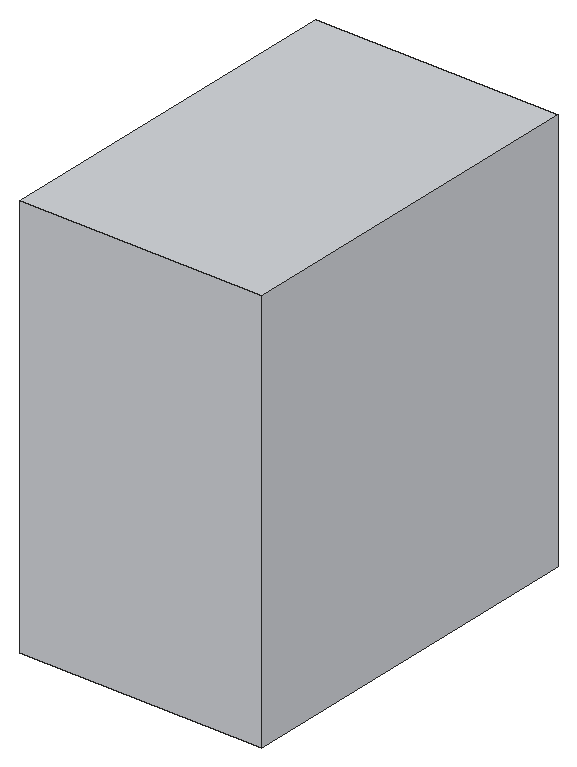
Revit family
Parameters
  box width = 1' - 2 1/16"
  box height = 3' - 3 1/4"
  box depth = 0' - 8 7/8"
  Warranty Duration (Years) = 0
  Unit Width [instance] = 1' - 5 1/4"
  Unit Height [instance] = 1' - 7"
  Unit Depth = 0' - 0 15/16"
  URL = "http://www.americanspecialties.com/viewCategories.cfm"
  Trim Material = Metal - Stainless Steel
  Test Data = ""
  Specification = "http://www.arcat.com/sdspecs/htm/10810asi.htm"
  SpecWizard = ""
  Send Message = "http://www.arcat.com/users.pl?action=UserEmail&company=American%20Specialties,%20Inc.&coid=30448&rep=139&fax=914-476-0688&mf="
  Sales Information = "http://www.americanspecialties.com/contact"
  Revision = "R1_10-2010"
  Product Properties = "http://www.americanspecialties.com/datasheets/20477-SM.pdf"
  Product Data = "http://www.arcat.com/arcatcos/cos30/arc30448.html"
  Model = "As Specified in 10 28 13"
  Manufacturer Website = "http://www.americanspecialties.com/viewCategories.cfm"
  Manufacturer Phone - Toll Free = ""
  Manufacturer Phone = "914-476-9000 "
  Manufacturer Fax = "914-476-0688"
  Manufacturer Address = "441 Saw Mill River Rd., Yonkers, NY 10701"
  Manufacturer = "American Specialties, Inc."
  Maintenance Schedule (Months) = 0
  Keynote = "10 28 13"
  Installation-Fabrication = "http://www.americanspecialties.com/products.cfm"
  Green Building-LEED = ""
  Expected Lifespan (Years) = 0
  Drawn By = "Robert S. Weygant. CSI, CDT, SCIP"  # constant formula
  Description = "Toilet Accessory as Specified in 10 28 13"
  Default Elevation = 4' - 0"
  Copyright = "©Arcat Inc."
  Construction Details = "http://www.arcat.com/green/clients/leed_data_30448.html"
  Building Codes = "http://www.americanspecialties.com/products.cfm"
  Body Material = Metal - Stainless Steel
  Assembly Code = "C1030210"
Reference planes (in)
  plane 1 "Center (Front/Back)": y = -0.29112
  plane 2 "Floor Line": z = 0
  plane 3 "Center (Left/Right)": x = -0.65843
Forms (in)
  Extrusion 1, solid
    sketch origin (-3, -9, -6) x (0, 0, -1) y (1, 0, 0)
      loop
        line (-82, 26) -> (-82, -19.34712) -> (-6, -19.34712) -> (-6, 26) -> (-82, 26)
    from 28.29112 to -41.06337
  Extrusion 2, solid, material "Metal - Stainless Steel" <- "Body Material"
    sketch origin (-0.90625, -0.3458, 0) x (1, 0, 0) y (0, 0, 1)
      loop
        line (-7.62718, 0) -> (8.12282, 0) -> (8.12282, 0.97872)
        arc (8.12282, 0.97872) -> (8.01381, 1.29037) -> (7.73431, 1.46613) r 0.5
        arc (7.73431, 1.46613) -> (0.24782, 2.31148) -> (-7.23868, 1.46613) r 33.57317
        arc (-7.23868, 1.46613) -> (-7.51817, 1.29037) -> (-7.62718, 0.97872) r 0.5
        line (-7.62718, 0.97872) -> (-7.62718, 0)
    from -5.54501 to 5.45499
  Extrusion 3, void
    sketch origin (-14.75309, 15.03668, 0) x (1, 0, 0) y (0, 1, 0)
      loop
        arc (8.28216, -11.77498) -> (7.9286, -11.92142) -> (7.78216, -12.27498) r 0.5
        line (7.78216, -12.27498) -> (7.78216, -14.39998)
        arc (7.78216, -14.39998) -> (7.9286, -14.75353) -> (8.28216, -14.89998) r 0.5
        line (8.28216, -14.89998) -> (19.90716, -14.89998)
        arc (19.90716, -14.89998) -> (20.26071, -14.75353) -> (20.40716, -14.39998) r 0.5
        line (20.40716, -14.39998) -> (20.40716, -12.27498)
        arc (20.40716, -12.27498) -> (20.26071, -11.92142) -> (19.90716, -11.77498) r 0.5
        line (19.90716, -11.77498) -> (8.28216, -11.77498)
    from 0.11111 to 2.53366
Cuts and joins
  Extrusion 3 cuts Extrusion 2
Dimensions and locks (in)
  aligned and locked: Extrusion 1 to level
